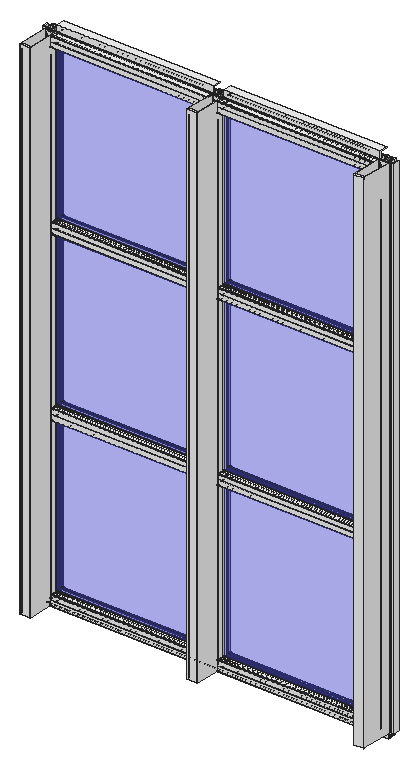
Revit family "Facade_60_Curtain_Wall_S23_Custom", category Windows, host Wall, Revit 2014
Parameters (values of type "F60-S23-Custom")
  Windload Design [instance] = if(Custom Windload < 1001 mm, 1000 mm, if(Custom Windload < 1501 mm, 1500 mm, 2000 mm))  # 1000 mm
  Width [instance] = if(Custom Curtain Wall Width < Limit Door Width Min, Limit Door Width Min, if(Custom Curtain Wall Width > Limit Door Width Max, Limit Door Width Max, Custom Curtain Wall Width))  # 2000 mm
  Wall Thickness [instance] = 200 mm
  Vertical Profile Length [instance] = Height - Frame Bottom Gap  # 2970 mm
  URL = "http://www.crealco.co.za/crealco-products.php"
  Type Comments = ""
  Transom Vertical Spacing [instance] = (Height - Frame Bottom Gap - (4 mm * 60)) / 3  # 910 mm
  Top Transom Top Gap [instance] = Transom Vertical Spacing + 60 mm  # 970 mm
  Top Profile Overhang = 5.9 mm  # constant formula
  Thermal Resistance (R) [instance] = if(IGDB or SAGDB Number = 100100, 1.0000 (m²·K)/W / Intruderprufe U Value, if(IGDB or SAGDB Number = 100100, 1.0000 (m²·K)/W / Intruderprufe U Value, if(IGDB or SAGDB Number = 105003, 1.0000 (m²·K)/W / Intruderprufe Insulated U Value, if(IGDB or SAGDB Number = 105004, 1.0000 (m²·K)/W / Intruderprufe Insulated LowE U Value, 1.0000 (m²·K)/W / 7.9)))) * 1  # 0.126582 (m²·K)/W
  Thermal Break Material = Plastic, Opaque Black
  Solar Heat Gain Coefficient [instance] = if(IGDB or SAGDB Number = 100100, Intruderprufe SHGC Value, if(IGDB or SAGDB Number = 103200, Intruderprufe LowE SHGC Value, if(IGDB or SAGDB Number = 105003, Intruderprufe Insulated SHGC Value, if(IGDB or SAGDB Number = 105004, Intruderprufe Insulated LowE SHGC Value, 0))))  # 0
  Single Glazing [instance] = if(DG Forced, 1 = 0, not(Double Glazing))  # no
  Sill Height = 85 mm  # constant formula
  SG Forced [instance] = not(DG Forced)  # no
  Quarter Expansion Break = no
  Overall Width [instance] = 2000 mm
  Overall Height [instance] = 3000 mm
  Mullion Side Gap [instance] = (Width / 2) - 30 mm  # 970 mm
  Mullion Configuration [instance] = if(Windload Design = 1000 mm, if(not(Height > 2490 mm), 1 mm, if(and(not(Height > 4990 mm), not(Width > 1790 mm)), 2 mm, 3 mm)), if(Windload Design = 1500 mm, if(Height > 2490 mm, 3 mm, if(Width > 2990 mm, 2 mm, 1 mm)), if(Height > 2490 mm, 3 mm, if(Width > 1790 mm, 2 mm, 1 mm))))  # 3 mm
  Model = "Facade 60"
  Half Expansion Break = no
  Bottom Transom Bottom Gap [instance] = Transom Vertical Spacing + 30 mm + 60 mm  # 1000 mm
  Mid Glazing Bottom Gap [instance] = Frame Bottom Gap + 60 mm + Transom Vertical Spacing + 39.8 mm  # 1039.8 mm
  Max System DG Unit Thickness = 25 mm  # constant formula
  Max System DG One Piece Thickness [instance] = rounddown((Max System DG Unit Thickness - DG Gasket Thickness) / 2 mm) * 1 mm  # 6 mm
  Max Pane Area [instance] = Glazing Width * Glazing Height  # 0.90326 m²
  Manufacturer = "Crealco"
  Limit Door Width Min = (2 * Limit Panel Width Min) + (2 * Glazing Side Gap) + 19.6 mm  # 699.2 mm
  Limit Door Width Max = (2 * Limit Panel Width Max) + (2 * Glazing Side Gap) + 19.6 mm  # 6099.2 mm
  Limit Door Height Min = (3 * Limit Panel Height Min) + 69.8 mm + (2 mm * 19.6) + 39.8 mm  # 1048.8 mm
  Limit Door Height Max = (3 * Limit Panel Height Max) + 69.8 mm + (2 mm * 19.6) + 39.8 mm  # 18148.8 mm
  Limit Panel Width Min = 300 mm  # constant formula
  Limit Panel Width Max = 3000 mm  # constant formula
  Limit Panel Height Min = 300 mm  # constant formula
  Limit Panel Height Max = 6000 mm  # constant formula
  Sill Length [instance] = Width  # 2000 mm
  Length Sill [instance] = Width  # 2000 mm
  Keynote = ""
  Jamb Width = 60 mm  # constant formula
  Intruderprufe U Value = 0
  Intruderprufe SHGC Value = 0
  Intruderprufe LowE U Value = 0
  Intruderprufe LowE SHGC Value = 0
  Intruderprufe Insulated U Value = 0
  Intruderprufe Insulated SHGC Value = 0
  Intruderprufe Insulated LowE U Value = 0
  Intruderprufe Insulated LowE SHGC Value = 0
  Horizontal Profile Length [instance] = (Width - (2 * Jamb Width) - 60 mm) / 2  # 910 mm
  Glazing Width [instance] = Horizontal Profile Length + (2 mm * 20.2)  # 950.4 mm
  Glazing Top Gap = 39.8 mm  # constant formula
  Glazing Side Gap = 39.8 mm  # constant formula
  Glazing Height [instance] = (Height - Glazing Top Gap - Glazing Bottom Gap - (2 * (60 mm - 20.2 mm - 20.2 mm))) / 3  # 950.4 mm
  Glazing Gap SG [instance] = (14 mm - SG Thickness) / 2  # 5 mm
  Glazing Gap DG [instance] = (28 mm - (DG Thickness + DG Thickness + DG Gasket Thickness)) / 2  # 4 mm
  Glazing Bottom Gap = 69.8 mm  # constant formula
  Frame Thickness = 101.8 mm  # constant formula
  Frame Bottom Gap = 30 mm  # constant formula
  Door Leaf Height [instance] = 2050 mm
  Double Glazing [instance] = yes
  DG Thickness Calc [instance] = if(not(Max Pane Area > 1.125 m²), 4 mm, if(not(Max Pane Area > 2.25 m²), 4 mm, if(not(Max Pane Area > 3.15 m²), 5 mm, if(not(Max Pane Area > 4.35 m²), 6 mm, if(not(Max Pane Area > 6.45 m²), 8 mm, 10 mm)))))  # 4 mm
  DG Thickness [instance] = if(IGDB or SAGDB Number = 105003, 6 mm, if(IGDB or SAGDB Number = 105004, 7 mm, if(DG Thickness Calc > Max System DG One Piece Thickness, Max System DG One Piece Thickness, DG Thickness Calc)))  # 4 mm
  DG Gasket Thickness = 12 mm  # constant formula
  DG Gasket Finish [instance] = Double Glazing Gasket Material
  DG Forced [instance] = if(IGDB or SAGDB Number = 100100, 1 = 0, if(IGDB or SAGDB Number = 103200, 1 = 0, if(IGDB or SAGDB Number = 105003, 1 = 1, if(IGDB or SAGDB Number = 105004, 1 = 1, Double Glazing))))  # yes
  IGDB or SAGDB Number [instance] = 0
  Height [instance] = if(Custom Curtain Wall Height < Limit Door Height Min, Limit Door Height Min, if(Custom Curtain Wall Height > Limit Door Height Max, Limit Door Height Max, Custom Curtain Wall Height))  # 3000 mm
  Heat Transfer Coefficient (U) [instance] = if(IGDB or SAGDB Number = 100100, Intruderprufe U Value, if(IGDB or SAGDB Number = 103200, Intruderprufe LowE U Value, if(IGDB or SAGDB Number = 105003, Intruderprufe Insulated U Value, if(IGDB or SAGDB Number = 105004, Intruderprufe Insulated LowE U Value, 7.9)))) * 1.0000 W/(m²·K)  # 7.9000 W/(m²·K)
  SG Thickness [instance] = if(IGDB or SAGDB Number = 100100, 6 mm, if(IGDB or SAGDB Number = 103200, 7 mm, if(not(Max Pane Area > 0.75 m²), 4 mm, if(not(Max Pane Area > 1.50 m²), 4 mm, if(not(Max Pane Area > 2.10 m²), 5 mm, if(not(Max Pane Area > 2.90 m²), 6.4 mm, if(not(Max Pane Area > 4.30 m²), 8 mm, 10 mm)))))))  # 4 mm
  Glazing Material [instance] = if(IGDB or SAGDB Number = 100100, "PFG INTRUDERPRUFE 6.38mm", if(IGDB or SAGDB Number = 103200, "PFG INTRUDERPRUFE LOW-E 7.38mm", if(IGDB or SAGDB Number = 105003, "PFG 25mm INTRUDERPRUFE INSULATED GLASS", if(IGDB or SAGDB Number = 105004, "PFG 25mm INTRUDERPRUFE INSULATED GLASS LOW-E", "Unknown"))))  # "Unknown"
  Glazing Finish [instance] = Glass
  Glazing Code [instance] = if(IGDB or SAGDB Number = 100100, "LAM01", if(IGDB or SAGDB Number = 103200, "LAM01E", if(IGDB or SAGDB Number = 105003, "IGU25", if(IGDB or SAGDB Number = 105004, "IGU25E", "Unknown"))))  # "Unknown"
  Frame Offset From Exterior [instance] = if(Centered In Wall, (Wall Thickness - Frame Thickness) / 2, Custom Offset From Exterior) + 5.9 mm  # 55 mm
  Description = "Curtain Wall, S23"
  Default Sill Height = 0 mm
  Wall Closure = By host
  Custom Curtain Wall Width [instance] = 2000 mm
  Custom Curtain Wall Height [instance] = 3000 mm
  Custom Windload [instance] = 1000 mm
  Custom Offset From Exterior [instance] = 0 mm
  Centered In Wall [instance] = yes
  Aluminium Finish [instance] = White Powder Coated Aluminium ANP 1052
  All Available Glazing Numbers [instance] = "The rows below list the available glazing materials for this window:"  # constant formula
  190mm Mullion [instance] = if(Mullion Configuration = 3 mm, 1 = 1, 1 = 0)  # yes
  160mm Mullion [instance] = if(Mullion Configuration = 2 mm, 1 = 1, 1 = 0)  # no
  105004 [instance] = "IGU25E"  # constant formula
  105003 [instance] = "IGU25"  # constant formula
  103200 [instance] = "LAM01E"  # constant formula
  100mm Mullion [instance] = if(or(Mullion Configuration = 2 mm, Mullion Configuration = 3 mm), 1 = 0, 1 = 1)  # no
  100100 [instance] = "LAM01"  # constant formula
Reference planes
  plane 1 "Center (Front/Back)": y = 0
  plane 2 "Center (Left/Right)": x = 0
  plane 3 "Left": x = -1000
  plane 4 "Right": x = 1000
  plane 5 "Sill": z = 0
  plane 6 "Head": z = 3000
  plane 7 "Exterior": y = 100
  plane 8 "Interior": y = -100
Lines and regions (mm)
  Opening 1
    outline origin (3507.082, -100, 0) x (1, 0, 0) y (0, 0, 1)
      loop
        line (-2507.082, 0) -> (-2507.082, 3000) -> (-4507.082, 3000) -> (-4507.082, 0) -> (-2507.082, 0)
Text (mm)
  text "EXTERIOR" at (-1963.203, 1332.353, 0), in view "Ref. Level"
  text "INTERIOR" at (-1981.466, -818.386, 0), in view "Ref. Level"
  text "Exterior" at (0, 923.751, 2943.296), in view "Right"
  text "Exterior" at (0, 1040.484, 2685.409), in view "Left"
Dimensions and locks
  equal spacing: plane 3 "Left", plane 2 "Center (Left/Right)", plane 4 "Right"
  "Width": plane 3 "Left" to plane 4 "Right"
  "Height": plane 5 "Sill" to plane 6 "Head"
  "Default Sill Height": plane 5 "Sill" to level
  locked: plane 7 "Exterior" to host wall at 0
  locked: plane 8 "Interior" to host wall
  "Overall Height": plane 6 "Head" to plane 5 "Sill"
  "Overall Width": plane 3 "Left" to plane 4 "Right"
  "Wall Thickness": host wall to host wall
  "Jamb Width": nested 3 to plane 4 "Right"
  "Jamb Width": nested 5 to plane 4 "Right"
  "Frame Bottom Gap": nested 5 to level
  "Frame Offset From Exterior": nested 1 to plane 7 "Exterior"
  "Glazing Side Gap": nested 6 to plane 4 "Right"
  "Glazing Top Gap": nested 6 to plane 6 "Head"
  "Glazing Gap SG": nested 6 to nested 1
  "Glazing Side Gap": nested 7 to plane 4 "Right"
  "Glazing Top Gap": nested 7 to plane 6 "Head"
  "Glazing Gap DG": nested 7 to nested 1
  "Mullion Side Gap": nested 8 to plane 4 "Right"
  "Frame Bottom Gap": nested 8 to level
  "Jamb Width": plane 3 "Left" to nested 10
  "Jamb Width": plane 3 "Left" to nested 9
  "Glazing Side Gap": plane 3 "Left" to nested 11
  "Glazing Side Gap": plane 3 "Left" to nested 12
  "Glazing Gap SG": nested 2 to nested 12
  "Glazing Gap DG": nested 2 to nested 11
  "Glazing Bottom Gap": nested 11 to level
  "Glazing Bottom Gap": nested 12 to level
  "Frame Bottom Gap": nested 9 to level
  "Bottom Transom Bottom Gap": nested 13 to level
  "Jamb Width": plane 3 "Left" to nested 13
  "Jamb Width": nested 14 to plane 4 "Right"
  "Glazing Bottom Gap": nested 15 to level
  "Glazing Bottom Gap": nested 16 to level
  "Glazing Top Gap": nested 17 to plane 6 "Head"
  "Glazing Top Gap": nested 18 to plane 6 "Head"
  "Glazing Side Gap": plane 3 "Left" to nested 18
  "Glazing Side Gap": plane 3 "Left" to nested 17
  "Glazing Side Gap": nested 15 to plane 4 "Right"
  "Glazing Side Gap": nested 16 to plane 4 "Right"
  "Glazing Gap SG": nested 16 to nested 1
  "Glazing Gap DG": nested 15 to nested 1
  "Glazing Gap SG": nested 2 to nested 18
  "Glazing Gap DG": nested 2 to nested 17
  "Jamb Width": nested 19 to plane 4 "Right"
  "Jamb Width": plane 3 "Left" to nested 20
  "Mid Glazing Bottom Gap": nested 22 to level
  "Mid Glazing Bottom Gap": nested 24 to level
  "Mid Glazing Bottom Gap": nested 21 to level
  "Mid Glazing Bottom Gap": nested 23 to level
  "Glazing Side Gap": plane 3 "Left" to nested 23
  "Glazing Side Gap": plane 3 "Left" to nested 21
  "Glazing Side Gap": nested 24 to plane 4 "Right"
  "Glazing Side Gap": nested 22 to plane 4 "Right"
  "Glazing Gap DG": nested 2 to nested 21
  "Glazing Gap SG": nested 2 to nested 23
  "Glazing Gap DG": nested 22 to nested 1
  "Glazing Gap SG": nested 24 to nested 1
  "Bottom Transom Bottom Gap": nested 14 to level
  "Top Transom Top Gap": nested 19 to plane 6 "Head"
  "Top Transom Top Gap": nested 20 to plane 6 "Head"
  aligned and locked: plane 4 "Right" to nested 1
  aligned and locked: nested 1 to plane 6 "Head"
  aligned and locked: plane 3 "Left" to nested 2
  aligned and locked: plane 6 "Head" to nested 2
  aligned and locked: nested 3 to plane 6 "Head"
  aligned and locked: nested 4 to level
  aligned and locked: plane 4 "Right" to nested 4
  aligned and locked: nested 1 to nested 2
  aligned and locked: nested 5 to nested 4
  aligned and locked: nested 8 to nested 2
  aligned and locked: nested 10 to plane 6 "Head"
  aligned and locked: nested 5 to nested 10
  aligned and locked: nested 5 to nested 9
  aligned and locked: nested 10 to nested 3
  aligned and locked: nested 10 to nested 2
  aligned and locked: nested 13 to nested 10
  aligned and locked: nested 14 to nested 3
  aligned and locked: nested 20 to nested 10
  aligned and locked: nested 19 to nested 3
Automatic sketch dimensions
  plane 3 "Left" to Opening 1 sketch curve = 0 mm
  plane 4 "Right" to Opening 1 sketch curve = 0 mm
  Opening 1 sketch curve to plane 5 "Sill" = 0 mm
  Opening 1 sketch curve to plane 6 "Head" = 0 mm
Nested families
  nested 1: "F60 Vertical Profile Side_S23_Cust" at (1000, -1.058, 30) x (-1, 0, 0) z (0, 0, 1), Thermal Break Material <- "Thermal Break Material", Profile Material <- "Aluminium Finish", Length <- "Vertical Profile Length", Single Glazing <- "SG Forced", Double Glazing <- "DG Forced", 100mm Mullion <- "100mm Mullion", 160mm Mullion <- "160mm Mullion", 190mm Mullion <- "190mm Mullion", Quarter Expansion Break <- "Quarter Expansion Break", Half Expansion Break <- "Half Expansion Break", type "F60 Vertical Profile Side_S23_Cust"
    with Thermal Break Material Plastic, Opaque Black, Single Glazing no, Quarter SG Expansion Break no, Quarter Length 742.5 mm, Quarter Expansion Break no, Quarter DG Expansion Break no, Quarter 190mm Expansion Break no, Quarter 160mm Expansion Break no, Quarter 100mm Expansion Break no, Profile Material White Powder Coated Aluminium ANP 1052, Length 2970 mm, Half SG Expansion Break no, Half Length 1485 mm, Half Expansion Break no, Half DG Expansion Break no, Half 190mm Expansion Joint no, Half 160mm Expansion Break no, Half 100mm Expansion Break no, Double Glazing yes, 190mm Mullion yes, 160mm Mullion no, 100mm Mullion no
  nested 2: "F60 Vertical Profile Side_S23_Cust" at (-1000, -1.058, 30), Thermal Break Material <- "Thermal Break Material", Profile Material <- "Aluminium Finish", Length <- "Vertical Profile Length", Single Glazing <- "SG Forced", Double Glazing <- "DG Forced", 100mm Mullion <- "100mm Mullion", 160mm Mullion <- "160mm Mullion", 190mm Mullion <- "190mm Mullion", Quarter Expansion Break <- "Quarter Expansion Break", Half Expansion Break <- "Half Expansion Break", type "F60 Vertical Profile Side_S23_Cust"
    with Thermal Break Material Plastic, Opaque Black, Single Glazing no, Quarter SG Expansion Break no, Quarter Length 742.5 mm, Quarter Expansion Break no, Quarter DG Expansion Break no, Quarter 190mm Expansion Break no, Quarter 160mm Expansion Break no, Quarter 100mm Expansion Break no, Profile Material White Powder Coated Aluminium ANP 1052, Length 2970 mm, Half SG Expansion Break no, Half Length 1485 mm, Half Expansion Break no, Half DG Expansion Break no, Half 190mm Expansion Joint no, Half 160mm Expansion Break no, Half 100mm Expansion Break no, Double Glazing yes, 190mm Mullion yes, 160mm Mullion no, 100mm Mullion no
  nested 3: "F60 Horizontal Profile Top_S23_Cust" at (940, -50.858, 2940) x (-1, 0, 0) z (0, 0, 1), Thermal Break Material <- "Thermal Break Material", Profile Material <- "Aluminium Finish", Length <- "Horizontal Profile Length", Single Glazing <- "SG Forced", Double Glazing <- "DG Forced", type "F60 Horizontal Profile Top_S23_Cust"
    with Thermal Break Material Plastic, Opaque Black, Single Glazing no, Profile Material White Powder Coated Aluminium ANP 1052, Length 910 mm, Double Glazing yes
  nested 4: "F60 Sill_S23_Cust" at (1000, -13.486, -1.88) x (-1, 0, 0) z (0, 0, 1), Profile Material <- "Aluminium Finish", Length Sill <- "Length Sill", type "F60 Sill_S23_Cust"
    with Profile Material White Powder Coated Aluminium ANP 1052, Length Sill 2000 mm
  nested 5: "F60 Horizontal Profile Bottom_S23_Cust" at (940, -50.858, 30) x (-1, 0, 0) z (0, 0, 1), Thermal Break Material <- "Thermal Break Material", Profile Material <- "Aluminium Finish", Length <- "Horizontal Profile Length", Single Glazing <- "SG Forced", Double Glazing <- "DG Forced", type "F60 Horizontal Profile Bottom_S23_Cust"
    with Thermal Break Material Plastic, Opaque Black, Single Glazing no, Profile Material White Powder Coated Aluminium ANP 1052, Length 910 mm, Double Glazing yes
  nested 6: "F60_Single_Glazing_S23_Cust" at (960.2, 7.942, 2009.8), Glazing Width <- "Glazing Width", Glazing Height <- "Glazing Height", SG Thickness <- "SG Thickness", Glazing Finish <- "Glazing Finish", visible <- "SG Forced", type "F60_Single_Glazing_S23_Cust"
    with SG Thickness 4 mm, Glazing Width 950.4 mm, Glazing Height 950.4 mm, Glazing Finish Glass
  nested 7: "F60_Double_Glazing_S23_Cust" at (960.2, 22.942, 2009.8), Glazing Material <- "Glazing Finish", Double Glazing Gasket Material <- "DG Gasket Finish", Glazing Width <- "Glazing Width", Glazing Height <- "Glazing Height", Glazing Thickness DG <- "DG Thickness", Double Glazing Gasket Thickness <- "DG Gasket Thickness", visible <- "DG Forced", type "F60_Double_Glazing_S23_Cust"
    with Glazing Width 950.4 mm, Glazing Thickness DG 4 mm, Glazing Material Glass, Glazing Height 950.4 mm, Double Glazing Gasket Thickness 12 mm, Double Glazing Gasket Material Double Glazing Gasket Material
  nested 8: "F60 Vertical Profile Middle_S23_Cust" at (30, -1.058, 30) x (-1, 0, 0) z (0, 0, 1), Thermal Break Material <- "Thermal Break Material", Profile Material <- "Aluminium Finish", Single Glazing <- "SG Forced", Double Glazing <- "DG Forced", 190mm Mullion <- "190mm Mullion", 160mm Mullion <- "160mm Mullion", 100mm Mullion <- "100mm Mullion", Length <- "Vertical Profile Length", Half Expansion Break <- "Half Expansion Break", Quarter Expansion Break <- "Quarter Expansion Break", type "F60 Vertical Profile Middle_S23_Cust"
    with Thermal Break Material Plastic, Opaque Black, Single Glazing no, Quarter SG Expansion Break no, Quarter Length 742.5 mm, Quarter Expansion Break no, Quarter DG Expansion Break no, Quarter 190mm Expansion Break no, Quarter 160mm Expansion Break no, Quarter 100mm Expansion Break no, Profile Material White Powder Coated Aluminium ANP 1052, Length 2970 mm, Half SG Expansion Break no, Half Length 1485 mm, Half Expansion Break no, Half DG Expansion Break no, Half 190mm Expansion Joint no, Half 160mm Expansion Break no, Half 100mm Expansion Break no, Double Glazing yes, 190mm Mullion yes, 160mm Mullion no, 100mm Mullion no
  nested 9: "F60 Horizontal Profile Bottom_S23_Cust" at (-30, -50.858, 30) x (-1, 0, 0) z (0, 0, 1), Thermal Break Material <- "Thermal Break Material", Profile Material <- "Aluminium Finish", Length <- "Horizontal Profile Length", Single Glazing <- "SG Forced", Double Glazing <- "DG Forced", type "F60 Horizontal Profile Bottom_S23_Cust"
    with Thermal Break Material Plastic, Opaque Black, Single Glazing no, Profile Material White Powder Coated Aluminium ANP 1052, Length 910 mm, Double Glazing yes
  nested 10: "F60 Horizontal Profile Top_S23_Cust" at (-30, -50.858, 2940) x (-1, 0, 0) z (0, 0, 1), Thermal Break Material <- "Thermal Break Material", Profile Material <- "Aluminium Finish", Length <- "Horizontal Profile Length", Single Glazing <- "SG Forced", Double Glazing <- "DG Forced", type "F60 Horizontal Profile Top_S23_Cust"
    with Thermal Break Material Plastic, Opaque Black, Single Glazing no, Profile Material White Powder Coated Aluminium ANP 1052, Length 910 mm, Double Glazing yes
  nested 11: "F60_Double_Glazing_S23_Cust" at (-9.8, 22.942, 69.8), Glazing Material <- "Glazing Finish", Double Glazing Gasket Material <- "DG Gasket Finish", Glazing Width <- "Glazing Width", Glazing Height <- "Glazing Height", Glazing Thickness DG <- "DG Thickness", Double Glazing Gasket Thickness <- "DG Gasket Thickness", visible <- "DG Forced", type "F60_Double_Glazing_S23_Cust"
    with Glazing Width 950.4 mm, Glazing Thickness DG 4 mm, Glazing Material Glass, Glazing Height 950.4 mm, Double Glazing Gasket Thickness 12 mm, Double Glazing Gasket Material Double Glazing Gasket Material
  nested 12: "F60_Single_Glazing_S23_Cust" at (-9.8, 7.942, 69.8), Glazing Width <- "Glazing Width", Glazing Height <- "Glazing Height", SG Thickness <- "SG Thickness", Glazing Finish <- "Glazing Finish", visible <- "SG Forced", type "F60_Single_Glazing_S23_Cust"
    with SG Thickness 4 mm, Glazing Width 950.4 mm, Glazing Height 950.4 mm, Glazing Finish Glass
  nested 13: "F60 Horizontal Profile Middle_S23_Cust" at (-30, -50.858, 1000) x (-1, 0, 0) z (0, 0, 1), Thermal Break Material <- "Thermal Break Material", Profile Material <- "Aluminium Finish", Length <- "Horizontal Profile Length", Single Glazing <- "SG Forced", Double Glazing <- "DG Forced", type "F60 Horizontal Profile Middle_S23_Cust"
    with Thermal Break Material Plastic, Opaque Black, Single Glazing no, Profile Material White Powder Coated Aluminium ANP 1052, Length 910 mm, Double Glazing yes
  nested 14: "F60 Horizontal Profile Middle_S23_Cust" at (940, -50.858, 1000) x (-1, 0, 0) z (0, 0, 1), Thermal Break Material <- "Thermal Break Material", Profile Material <- "Aluminium Finish", Length <- "Horizontal Profile Length", Single Glazing <- "SG Forced", Double Glazing <- "DG Forced", type "F60 Horizontal Profile Middle_S23_Cust"
    with Thermal Break Material Plastic, Opaque Black, Single Glazing no, Profile Material White Powder Coated Aluminium ANP 1052, Length 910 mm, Double Glazing yes
  nested 15: "F60_Double_Glazing_S23_Cust" at (960.2, 22.942, 69.8), Glazing Material <- "Glazing Finish", Double Glazing Gasket Material <- "DG Gasket Finish", Glazing Width <- "Glazing Width", Glazing Height <- "Glazing Height", Glazing Thickness DG <- "DG Thickness", Double Glazing Gasket Thickness <- "DG Gasket Thickness", visible <- "DG Forced", type "F60_Double_Glazing_S23_Cust"
    with Glazing Width 950.4 mm, Glazing Thickness DG 4 mm, Glazing Material Glass, Glazing Height 950.4 mm, Double Glazing Gasket Thickness 12 mm, Double Glazing Gasket Material Double Glazing Gasket Material
  nested 16: "F60_Single_Glazing_S23_Cust" at (960.2, 7.942, 69.8), Glazing Width <- "Glazing Width", Glazing Height <- "Glazing Height", SG Thickness <- "SG Thickness", Glazing Finish <- "Glazing Finish", visible <- "SG Forced", type "F60_Single_Glazing_S23_Cust"
    with SG Thickness 4 mm, Glazing Width 950.4 mm, Glazing Height 950.4 mm, Glazing Finish Glass
  nested 17: "F60_Double_Glazing_S23_Cust" at (-9.8, 22.942, 2009.8), Glazing Material <- "Glazing Finish", Double Glazing Gasket Material <- "DG Gasket Finish", Glazing Width <- "Glazing Width", Glazing Height <- "Glazing Height", Glazing Thickness DG <- "DG Thickness", Double Glazing Gasket Thickness <- "DG Gasket Thickness", visible <- "DG Forced", type "F60_Double_Glazing_S23_Cust"
    with Glazing Width 950.4 mm, Glazing Thickness DG 4 mm, Glazing Material Glass, Glazing Height 950.4 mm, Double Glazing Gasket Thickness 12 mm, Double Glazing Gasket Material Double Glazing Gasket Material
  nested 18: "F60_Single_Glazing_S23_Cust" at (-9.8, 7.942, 2009.8), Glazing Width <- "Glazing Width", Glazing Height <- "Glazing Height", SG Thickness <- "SG Thickness", Glazing Finish <- "Glazing Finish", visible <- "SG Forced", type "F60_Single_Glazing_S23_Cust"
    with SG Thickness 4 mm, Glazing Width 950.4 mm, Glazing Height 950.4 mm, Glazing Finish Glass
  nested 19: "F60 Horizontal Profile Middle_S23_Cust" at (940, -50.858, 1970) x (-1, 0, 0) z (0, 0, 1), Thermal Break Material <- "Thermal Break Material", Profile Material <- "Aluminium Finish", Length <- "Horizontal Profile Length", Single Glazing <- "SG Forced", Double Glazing <- "DG Forced", type "F60 Horizontal Profile Middle_S23_Cust"
    with Thermal Break Material Plastic, Opaque Black, Single Glazing no, Profile Material White Powder Coated Aluminium ANP 1052, Length 910 mm, Double Glazing yes
  nested 20: "F60 Horizontal Profile Middle_S23_Cust" at (-30, -50.858, 1970) x (-1, 0, 0) z (0, 0, 1), Thermal Break Material <- "Thermal Break Material", Profile Material <- "Aluminium Finish", Length <- "Horizontal Profile Length", Single Glazing <- "SG Forced", Double Glazing <- "DG Forced", type "F60 Horizontal Profile Middle_S23_Cust"
    with Thermal Break Material Plastic, Opaque Black, Single Glazing no, Profile Material White Powder Coated Aluminium ANP 1052, Length 910 mm, Double Glazing yes
  nested 21: "F60_Double_Glazing_S23_Cust" at (-9.8, 22.942, 1039.8), Glazing Material <- "Glazing Finish", Double Glazing Gasket Material <- "DG Gasket Finish", Glazing Width <- "Glazing Width", Glazing Height <- "Glazing Height", Glazing Thickness DG <- "DG Thickness", Double Glazing Gasket Thickness <- "DG Gasket Thickness", visible <- "DG Forced", type "F60_Double_Glazing_S23_Cust"
    with Glazing Width 950.4 mm, Glazing Thickness DG 4 mm, Glazing Material Glass, Glazing Height 950.4 mm, Double Glazing Gasket Thickness 12 mm, Double Glazing Gasket Material Double Glazing Gasket Material
  nested 22: "F60_Double_Glazing_S23_Cust" at (960.2, 22.942, 1039.8), Glazing Material <- "Glazing Finish", Double Glazing Gasket Material <- "DG Gasket Finish", Glazing Width <- "Glazing Width", Glazing Height <- "Glazing Height", Glazing Thickness DG <- "DG Thickness", Double Glazing Gasket Thickness <- "DG Gasket Thickness", visible <- "DG Forced", type "F60_Double_Glazing_S23_Cust"
    with Glazing Width 950.4 mm, Glazing Thickness DG 4 mm, Glazing Material Glass, Glazing Height 950.4 mm, Double Glazing Gasket Thickness 12 mm, Double Glazing Gasket Material Double Glazing Gasket Material
  nested 23: "F60_Single_Glazing_S23_Cust" at (-9.8, 7.942, 1039.8), Glazing Width <- "Glazing Width", Glazing Height <- "Glazing Height", SG Thickness <- "SG Thickness", Glazing Finish <- "Glazing Finish", visible <- "SG Forced", type "F60_Single_Glazing_S23_Cust"
    with SG Thickness 4 mm, Glazing Width 950.4 mm, Glazing Height 950.4 mm, Glazing Finish Glass
  nested 24: "F60_Single_Glazing_S23_Cust" at (960.2, 7.942, 1039.8), Glazing Width <- "Glazing Width", Glazing Height <- "Glazing Height", SG Thickness <- "SG Thickness", Glazing Finish <- "Glazing Finish", visible <- "SG Forced", type "F60_Single_Glazing_S23_Cust"
    with SG Thickness 4 mm, Glazing Width 950.4 mm, Glazing Height 950.4 mm, Glazing Finish Glass
Definition of nested family "F60 Vertical Profile Side_S23_Cust"
  Parameters (values of type "F60 Vertical Profile Side")
    Quarter SG Expansion Break [instance] = if(and(Quarter Expansion Break, Single Glazing), 1 = 1, 1 = 0)  # yes
    Quarter Length [instance] = Length / 4  # 62.5 mm
    Thermal Break Material [instance] = none
    Single Glazing [instance] = yes
    Quarter Expansion Break [instance] = yes
    Quarter DG Expansion Break [instance] = if(and(Quarter Expansion Break, Double Glazing), 1 = 1, 1 = 0)  # yes
    Quarter 190mm Expansion Break [instance] = if(and(Quarter Expansion Break, [190mm Mullion]), 1 = 1, 1 = 0)  # yes
    Quarter 160mm Expansion Break [instance] = if(and(Quarter Expansion Break, [160mm Mullion]), 1 = 1, 1 = 0)  # yes
    Quarter 100mm Expansion Break [instance] = if(and(Quarter Expansion Break, [100mm Mullion]), 1 = 1, 1 = 0)  # yes
    Profile Material [instance] = none
    Length [instance] = 250 mm
    Half SG Expansion Break [instance] = if(and(Half Expansion Break, Single Glazing), 1 = 1, 1 = 0)  # yes
    Half Length [instance] = Length / 2  # 125 mm
    Half Expansion Break [instance] = yes
    Half DG Expansion Break [instance] = if(and(Half Expansion Break, Double Glazing), 1 = 1, 1 = 0)  # yes
    Half 190mm Expansion Joint [instance] = if(and(Half Expansion Break, [190mm Mullion]), 1 = 1, 1 = 0)  # yes
    Half 160mm Expansion Break [instance] = if(and(Half Expansion Break, [160mm Mullion]), 1 = 1, 1 = 0)  # yes
    Half 100mm Expansion Break [instance] = if(and(Half Expansion Break, [100mm Mullion]), 1 = 1, 1 = 0)  # yes
    Double Glazing [instance] = yes
    190mm Mullion [instance] = yes
    160mm Mullion [instance] = yes
    100mm Mullion [instance] = yes
  Reference planes
    plane 1 "Center (Front/Back)": y = 0
    plane 2: z = 0
    plane 3 "Center (Left/Right)": x = 0
  Forms (mm)
    Extrusion 1, solid, material <- "Profile Material"
      sketch origin (0, 0, 0) x (1, 0, 0) y (0, 1, 0)
        loop
          arc (25.249, -8.7) -> (25.484, -9.266) -> (26.049, -9.5) r 0.8
          line (26.049, -9.5) -> (27.1, -9.5) -> (27.1, 7) -> (32.902, 7) -> (32.902, -9.5) -> (33.951, -9.5)
          arc (33.951, -9.5) -> (34.516, -9.266) -> (34.751, -8.7) r 0.8
          line (34.751, -8.7) -> (34.751, 6.2)
          arc (34.751, 6.2) -> (34.985, 6.766) -> (35.551, 7) r 0.8
          line (35.551, 7) -> (52.1, 7) -> (52.1, 5.4) -> (50.55, 5.4) -> (50.55, 4.55)
          arc (50.55, 4.55) -> (50.726, 4.126) -> (51.15, 3.95) r 0.6
          line (51.15, 3.95) -> (52.1, 3.95) -> (52.1, 1)
          arc (52.1, 1) -> (51.6, 0.5) -> (52.1, 0) r 0.5
          line (52.1, 0) -> (54.45, 0) -> (54.45, 1.15) -> (53.3, 1.15) -> (53.3, 2.45) -> (58.8, 2.45) -> (58.8, 1.15) -> (57.65, 1.15) -> (57.65, 0) -> (59.5, 0)
          arc (59.5, 0) -> (59.854, 0.146) -> (60, 0.5) r 0.5
          line (60, 0.5) -> (60, 3.9) -> (53.55, 3.9) -> (53.55, 7.6)
          arc (53.55, 7.6) -> (53.316, 8.166) -> (52.75, 8.4) r 0.8
          line (52.75, 8.4) -> (30, 8.4) -> (7.25, 8.4)
          arc (7.25, 8.4) -> (6.684, 8.166) -> (6.45, 7.6) r 0.8
          line (6.45, 7.6) -> (6.45, 3.9) -> (0, 3.9) -> (0, 0.5)
          arc (0, 0.5) -> (0.146, 0.146) -> (0.5, 0) r 0.5
          line (0.5, 0) -> (2.35, 0) -> (2.35, 1.15) -> (1.2, 1.15) -> (1.2, 2.45) -> (6.7, 2.45) -> (6.7, 1.15) -> (5.55, 1.15) -> (5.55, 0) -> (7.9, 0)
          arc (7.9, 0) -> (8.4, 0.5) -> (7.9, 1) r 0.5
          line (7.9, 1) -> (7.9, 3.95) -> (8.85, 3.95)
          arc (8.85, 3.95) -> (9.274, 4.126) -> (9.45, 4.55) r 0.6
          line (9.45, 4.55) -> (9.45, 5.4) -> (7.9, 5.4) -> (7.9, 7) -> (24.449, 7)
          arc (24.449, 7) -> (25.015, 6.766) -> (25.249, 6.2) r 0.8
          line (25.249, 6.2) -> (25.249, -8.7)
      from 0 to 250 <- "Length"
    Extrusion 2, solid, material <- "Thermal Break Material"
      sketch origin (0, 0, 0) x (1, 0, 0) y (0, 1, 0)
        loop
          line (1.75, 9.8) -> (1.75, 5.2) -> (0, 5.2) -> (0, 3.9) -> (6.35, 3.9) -> (6.35, 7.856)
          arc (6.35, 7.856) -> (6.526, 8.281) -> (6.95, 8.456) r 0.6
          line (6.95, 8.456) -> (30, 8.456) -> (53.05, 8.456)
          arc (53.05, 8.456) -> (53.474, 8.281) -> (53.65, 7.856) r 0.6
          line (53.65, 7.856) -> (53.65, 3.9) -> (60, 3.9) -> (60, 5.2) -> (58.25, 5.2) -> (58.25, 9.8) -> (30, 9.8) -> (1.75, 9.8)
      from 0 to 250 <- "Length"
    Extrusion 3, solid, material <- "Thermal Break Material", visible <- "Single Glazing"
      sketch origin (0, 0, 0) x (1, 0, 0) y (0, 1, 0)
        loop
          line (25.749, -14.011) -> (27.672, -14.011) -> (28.481, -12.611) -> (31.518, -12.611) -> (32.327, -14.011) -> (34.249, -14.011)
          arc (34.249, -14.011) -> (34.603, -13.864) -> (34.749, -13.511) r 0.5
          line (34.749, -13.511) -> (34.749, -10.011)
          arc (34.749, -10.011) -> (34.603, -9.657) -> (34.249, -9.511) r 0.5
          line (34.249, -9.511) -> (32.352, -9.511) -> (32.352, 0.19) -> (31.349, 2.261)
          arc (31.349, 2.261) -> (29.999, 2.986) -> (28.649, 2.261) r 1.62
          line (28.649, 2.261) -> (27.647, 0.19) -> (27.647, -9.511) -> (25.749, -9.511)
          arc (25.749, -9.511) -> (25.396, -9.657) -> (25.249, -10.011) r 0.5
          line (25.249, -10.011) -> (25.249, -13.511)
          arc (25.249, -13.511) -> (25.396, -13.864) -> (25.749, -14.011) r 0.5
        loop
          line (28.504, -10.005) -> (28.504, -10.861)
          arc (28.504, -10.861) -> (28.651, -11.214) -> (29.004, -11.361) r 0.5
          line (29.004, -11.361) -> (30.994, -11.361)
          arc (30.994, -11.361) -> (31.348, -11.214) -> (31.494, -10.861) r 0.5
          line (31.494, -10.861) -> (31.494, -10.005) -> (30.708, -9.219)
          arc (30.708, -9.219) -> (30.383, -9.001) -> (29.999, -8.924) r 1.007
          arc (29.999, -8.924) -> (29.616, -8.999) -> (29.292, -9.217) r 0.986
          line (29.292, -9.217) -> (28.504, -10.005)
        loop
          arc (30.896, 1.935) -> (29.887, 2.44) -> (29.005, 1.735) r 1.047
          line (29.005, 1.735) -> (28.347, 0.374) -> (28.347, -6.993)
          arc (28.347, -6.993) -> (28.583, -7.417) -> (29.068, -7.441) r 0.5
          arc (29.068, -7.441) -> (29.999, -7.223) -> (30.93, -7.441) r 2.099
          arc (30.93, -7.441) -> (31.416, -7.417) -> (31.652, -6.993) r 0.5
          line (31.652, -6.993) -> (31.652, 0.374) -> (30.896, 1.935)
      from 0 to 250 <- "Length"
    Extrusion 4, solid, material <- "Profile Material", visible <- "Single Glazing"
      sketch origin (0, 0, 0) x (1, 0, 0) y (0, 1, 0)
        loop
          line (52.693, -14.011) -> (32.327, -14.011) -> (31.519, -12.611) -> (28.481, -12.611) -> (27.673, -14.011) -> (7.307, -14.011) -> (7.307, -15.011) -> (8.457, -15.011) -> (8.457, -16.261) -> (2.957, -16.261) -> (2.957, -15.011) -> (4.107, -15.011) -> (4.107, -14.011) -> (1.707, -14.011)
          arc (1.707, -14.011) -> (1.199, -14.293) -> (1.168, -14.873) r 0.6
          line (1.168, -14.873) -> (2.093, -16.772) -> (1.015, -17.298) -> (1.484, -18.261) -> (11.488, -18.261)
          arc (11.488, -18.261) -> (11.913, -18.085) -> (12.088, -17.661) r 0.6
          line (12.088, -17.661) -> (12.088, -16.811) -> (47.912, -16.811) -> (47.912, -17.661)
          arc (47.912, -17.661) -> (48.088, -18.085) -> (48.512, -18.261) r 0.6
          line (48.512, -18.261) -> (58.518, -18.261) -> (58.987, -17.298) -> (57.908, -16.772) -> (58.834, -14.874)
          arc (58.834, -14.874) -> (58.802, -14.293) -> (58.293, -14.011) r 0.6
          line (58.293, -14.011) -> (55.893, -14.011) -> (55.893, -15.011) -> (57.043, -15.011) -> (57.043, -16.261) -> (51.543, -16.261) -> (51.543, -15.011) -> (52.693, -15.011) -> (52.693, -14.011)
      from 0 to 250 <- "Length"
    Extrusion 5, solid, material <- "Profile Material", visible <- "Single Glazing"
      sketch origin (0, 0, 0) x (1, 0, 0) y (0, 1, 0)
        loop
          line (2.801, -18.261) -> (1.484, -18.261) -> (1.015, -17.298) -> (2.093, -16.772) -> (0.779, -14.076)
          arc (0.779, -14.076) -> (0.239, -14.21) -> (0.001, -14.713) r 0.65
          line (0.001, -14.713) -> (0.001, -28.068)
          arc (0.001, -28.068) -> (1.172, -30.897) -> (4.001, -32.068) r 4
          line (4.001, -32.068) -> (30.001, -32.068) -> (56.001, -32.068)
          arc (56.001, -32.068) -> (58.829, -30.897) -> (60.001, -28.068) r 4
          line (60.001, -28.068) -> (60.001, -14.713)
          arc (60.001, -14.713) -> (59.763, -14.21) -> (59.223, -14.076) r 0.65
          line (59.223, -14.076) -> (57.908, -16.772) -> (58.987, -17.298) -> (58.518, -18.261) -> (57.201, -18.261)
          arc (57.201, -18.261) -> (56.83, -18.425) -> (56.703, -18.811) r 0.5
          arc (56.703, -18.811) -> (56.83, -19.196) -> (57.201, -19.361) r 0.5
          line (57.201, -19.361) -> (58.951, -19.361) -> (58.951, -27.968)
          arc (58.951, -27.968) -> (58.131, -29.948) -> (56.151, -30.768) r 2.8
          line (56.151, -30.768) -> (30.001, -30.768) -> (3.851, -30.768)
          arc (3.851, -30.768) -> (1.871, -29.948) -> (1.051, -27.968) r 2.8
          line (1.051, -27.968) -> (1.051, -19.361) -> (2.801, -19.361)
          arc (2.801, -19.361) -> (3.172, -19.196) -> (3.298, -18.811) r 0.5
          arc (3.298, -18.811) -> (3.172, -18.425) -> (2.801, -18.261) r 0.5
      from 0 to 250 <- "Length"
    Extrusion 6, solid, material <- "Profile Material", visible <- "100mm Mullion"
      sketch origin (0, 0, 0) x (1, 0, 0) y (0, 1, 0)
        loop
          line (14.02, 13) -> (45.98, 13)
          arc (45.98, 13) -> (46.539, 12.842) -> (46.917, 12.4) r 1
          arc (46.917, 12.4) -> (47.285, 11.963) -> (47.833, 11.8) r 1
          line (47.833, 11.8) -> (58.15, 11.8) -> (58.15, 96.3) -> (47.833, 96.3)
          arc (47.833, 96.3) -> (47.285, 96.137) -> (46.917, 95.7) r 1
          arc (46.917, 95.7) -> (46.548, 95.263) -> (46, 95.1) r 1
          line (46, 95.1) -> (14, 95.1)
          arc (14, 95.1) -> (13.452, 95.263) -> (13.083, 95.7) r 1
          arc (13.083, 95.7) -> (12.715, 96.137) -> (12.167, 96.3) r 1
          line (12.167, 96.3) -> (1.85, 96.3) -> (1.85, 11.8) -> (12.167, 11.8)
          arc (12.167, 11.8) -> (12.715, 11.963) -> (13.083, 12.4) r 1
          arc (13.083, 12.4) -> (13.461, 12.842) -> (14.02, 13) r 1
        loop
          line (1.65, 9.856) -> (58.35, 9.856) -> (58.35, 5.2) -> (60, 5.2) -> (60, 98.8)
          arc (60, 98.8) -> (59.707, 99.507) -> (59, 99.8) r 1
          line (59, 99.8) -> (1, 99.8)
          arc (1, 99.8) -> (0.293, 99.507) -> (0, 98.8) r 1
          line (0, 98.8) -> (0, 5.2) -> (1.65, 5.2) -> (1.65, 9.856)
      from 0 to 250 <- "Length"
    Extrusion 7, solid, material <- "Profile Material", visible <- "160mm Mullion"
      sketch origin (0, 0, 0) x (1, 0, 0) y (0, 1, 0)
        loop
          arc (2.35, 15.6) -> (2.526, 15.176) -> (2.95, 15) r 0.6
          line (2.95, 15) -> (57.05, 15)
          arc (57.05, 15) -> (57.474, 15.176) -> (57.65, 15.6) r 0.6
          line (57.65, 15.6) -> (57.65, 153.7)
          arc (57.65, 153.7) -> (57.474, 154.124) -> (57.05, 154.3) r 0.6
          line (57.05, 154.3) -> (47.833, 154.3)
          arc (47.833, 154.3) -> (47.285, 154.137) -> (46.917, 153.7) r 1
          arc (46.917, 153.7) -> (46.548, 153.263) -> (46, 153.1) r 1
          line (46, 153.1) -> (14, 153.1)
          arc (14, 153.1) -> (13.452, 153.263) -> (13.083, 153.7) r 1
          arc (13.083, 153.7) -> (12.715, 154.137) -> (12.167, 154.3) r 1
          line (12.167, 154.3) -> (2.95, 154.3)
          arc (2.95, 154.3) -> (2.526, 154.124) -> (2.35, 153.7) r 0.6
          line (2.35, 153.7) -> (2.35, 15.6)
        loop
          arc (1, 159.8) -> (0.293, 159.507) -> (0, 158.8) r 1
          line (0, 158.8) -> (0, 5.2) -> (1.65, 5.2) -> (1.65, 10.013) -> (58.35, 10.013) -> (58.35, 5.2) -> (60, 5.2) -> (60, 158.8)
          arc (60, 158.8) -> (59.707, 159.507) -> (59, 159.8) r 1
          line (59, 159.8) -> (1, 159.8)
      from 0 to 250 <- "Length"
    Extrusion 8, solid, material <- "Profile Material", visible <- "190mm Mullion"
      sketch origin (0, 0, 0) x (1, 0, 0) y (0, 1, 0)
        loop
          line (57.25, 15.1) -> (57.25, 178.3)
          arc (57.25, 178.3) -> (56.957, 179.007) -> (56.25, 179.3) r 1
          line (56.25, 179.3) -> (3.75, 179.3)
          arc (3.75, 179.3) -> (3.043, 179.007) -> (2.75, 178.3) r 1
          line (2.75, 178.3) -> (2.75, 15.1)
          arc (2.75, 15.1) -> (2.984, 14.534) -> (3.55, 14.3) r 0.8
          line (3.55, 14.3) -> (56.45, 14.3)
          arc (56.45, 14.3) -> (57.016, 14.534) -> (57.25, 15.1) r 0.8
        loop
          line (60, 5.2) -> (60, 188.8)
          arc (60, 188.8) -> (59.707, 189.507) -> (59, 189.8) r 1
          line (59, 189.8) -> (1, 189.8)
          arc (1, 189.8) -> (0.293, 189.507) -> (0, 188.8) r 1
          line (0, 188.8) -> (0, 5.2) -> (1.65, 5.2) -> (1.65, 9.856) -> (58.35, 9.856) -> (58.35, 5.2) -> (60, 5.2)
      from 0 to 250 <- "Length"
    Extrusion 9, solid, material <- "Thermal Break Material", visible <- "Double Glazing"
      sketch origin (0, 0, 0) x (1, 0, 0) y (0, 1, 0)
        loop
          line (27.672, -28) -> (28.48, -26.6) -> (31.518, -26.6) -> (32.326, -28) -> (34.249, -28)
          arc (34.249, -28) -> (34.603, -27.854) -> (34.749, -27.5) r 0.5
          line (34.749, -27.5) -> (34.749, -10)
          arc (34.749, -10) -> (34.603, -9.646) -> (34.249, -9.5) r 0.5
          line (34.249, -9.5) -> (32.352, -9.5) -> (32.352, 0.198) -> (31.348, 2.272)
          arc (31.348, 2.272) -> (29.998, 2.997) -> (28.648, 2.272) r 1.62
          line (28.648, 2.272) -> (27.645, 0.201) -> (27.645, -9.5) -> (25.749, -9.5)
          arc (25.749, -9.5) -> (25.396, -9.646) -> (25.249, -10) r 0.5
          line (25.249, -10) -> (25.249, -27.5)
          arc (25.249, -27.5) -> (25.396, -27.854) -> (25.749, -28) r 0.5
          line (25.749, -28) -> (27.672, -28)
        loop
          arc (30.706, -9.206) -> (30.382, -8.99) -> (29.999, -8.913) r 1.007
          arc (29.999, -8.913) -> (29.616, -8.988) -> (29.292, -9.206) r 0.986
          line (29.292, -9.206) -> (27.142, -11.356)
          arc (27.142, -11.356) -> (26.926, -11.68) -> (26.849, -12.063) r 1
          line (26.849, -12.063) -> (26.849, -24)
          arc (26.849, -24) -> (27.142, -24.707) -> (27.849, -25) r 1
          line (27.849, -25) -> (32.149, -25)
          arc (32.149, -25) -> (32.856, -24.707) -> (33.149, -24) r 1
          line (33.149, -24) -> (33.149, -12.063)
          arc (33.149, -12.063) -> (33.073, -11.68) -> (32.856, -11.356) r 1
          line (32.856, -11.356) -> (30.706, -9.206)
        loop
          arc (28.345, -6.982) -> (28.581, -7.407) -> (29.067, -7.43) r 0.5
          arc (29.067, -7.43) -> (29.998, -7.213) -> (30.929, -7.43) r 2.099
          arc (30.929, -7.43) -> (31.414, -7.407) -> (31.651, -6.982) r 0.5
          line (31.651, -6.982) -> (31.651, 0.385) -> (30.895, 1.946)
          arc (30.895, 1.946) -> (29.885, 2.45) -> (29.004, 1.745) r 1.047
          line (29.004, 1.745) -> (28.345, 0.385) -> (28.345, -6.982)
      from 0 to 250 <- "Length"
    Extrusion 10, solid, material <- "Profile Material", visible <- "Double Glazing"
      sketch origin (0, 0, 0) x (1, 0, 0) y (0, 1, 0)
        loop
          line (52.692, -28) -> (32.327, -28) -> (31.518, -26.6) -> (28.48, -26.6) -> (27.672, -28) -> (7.306, -28) -> (7.306, -29) -> (8.456, -29) -> (8.456, -30.25) -> (2.956, -30.25) -> (2.956, -29) -> (4.106, -29) -> (4.106, -28) -> (1.706, -28)
          arc (1.706, -28) -> (1.198, -28.282) -> (1.167, -28.863) r 0.6
          line (1.167, -28.863) -> (2.093, -30.762) -> (1.014, -31.288) -> (1.483, -32.25) -> (11.488, -32.25)
          arc (11.488, -32.25) -> (11.912, -32.074) -> (12.088, -31.65) r 0.6
          line (12.088, -31.65) -> (12.088, -30.8) -> (47.911, -30.8) -> (47.911, -31.65)
          arc (47.911, -31.65) -> (48.087, -32.074) -> (48.511, -32.25) r 0.6
          line (48.511, -32.25) -> (58.517, -32.25) -> (58.986, -31.288) -> (57.907, -30.762) -> (58.833, -28.864)
          arc (58.833, -28.864) -> (58.801, -28.282) -> (58.292, -28) r 0.6
          line (58.292, -28) -> (55.892, -28) -> (55.892, -29) -> (57.042, -29) -> (57.042, -30.25) -> (51.542, -30.25) -> (51.542, -29) -> (52.692, -29) -> (52.692, -28)
      from 0 to 250 <- "Length"
    Extrusion 11, solid, material <- "Profile Material", visible <- "Double Glazing"
      sketch origin (0, 0, 0) x (1, 0, 0) y (0, 1, 0)
        loop
          line (2.8, -32.25) -> (1.483, -32.25) -> (1.014, -31.288) -> (2.093, -30.762) -> (0.778, -28.065)
          arc (0.778, -28.065) -> (0.238, -28.2) -> (0, -28.702) r 0.65
          line (0, -28.702) -> (0, -42.058)
          arc (0, -42.058) -> (1.172, -44.886) -> (4, -46.058) r 4
          line (4, -46.058) -> (30, -46.058) -> (56, -46.058)
          arc (56, -46.058) -> (58.828, -44.886) -> (60, -42.058) r 4
          line (60, -42.058) -> (60, -28.702)
          arc (60, -28.702) -> (59.762, -28.2) -> (59.222, -28.065) r 0.65
          line (59.222, -28.065) -> (57.907, -30.762) -> (58.986, -31.288) -> (58.517, -32.25) -> (57.2, -32.25)
          arc (57.2, -32.25) -> (56.829, -32.415) -> (56.703, -32.8) r 0.5
          arc (56.703, -32.8) -> (56.829, -33.185) -> (57.2, -33.35) r 0.5
          line (57.2, -33.35) -> (58.95, -33.35) -> (58.95, -41.958)
          arc (58.95, -41.958) -> (58.13, -43.938) -> (56.15, -44.758) r 2.8
          line (56.15, -44.758) -> (30, -44.758) -> (3.85, -44.758)
          arc (3.85, -44.758) -> (1.87, -43.938) -> (1.05, -41.958) r 2.8
          line (1.05, -41.958) -> (1.05, -33.35) -> (2.8, -33.35)
          arc (2.8, -33.35) -> (3.171, -33.185) -> (3.297, -32.8) r 0.5
          arc (3.297, -32.8) -> (3.171, -32.415) -> (2.8, -32.25) r 0.5
      from 0 to 250 <- "Length"
    Extrusion 12, solid, material <- "Profile Material", visible <- "Single Glazing"
      sketch origin (0, 0, 0) x (1, 0, 0) y (0, 1, 0)
        loop
          line (10.403, -10.171) -> (10.403, -3.821) -> (-21.349, -3.821) -> (-21.349, -35.567) -> (-14.999, -35.567) -> (-14.999, -10.171) -> (10.403, -10.171)
      from 0 to 250 <- "Length"
    Extrusion 13, solid, material <- "Profile Material", visible <- "Double Glazing"
      sketch origin (0, 0, 0) x (1, 0, 0) y (0, 1, 0)
        loop
          line (10.402, -7.775) -> (10.402, -1.425) -> (-21.35, -1.425) -> (-21.35, -33.172) -> (-15, -33.172) -> (-15, -7.775) -> (10.402, -7.775)
      from 0 to 250 <- "Length"
    Extrusion 14, solid, material <- "Profile Material", visible <- "Double Glazing"
      sketch origin (0, 0, 0) x (1, 0, 0) y (0, 1, 0)
        loop
          line (12, -7.775) -> (0, -7.775) -> (0, -25.775) -> (12, -25.775) -> (12, -7.775)
        loop
          line (10.8, -8.975) -> (1.2, -8.975) -> (1.2, -24.575) -> (10.8, -24.575) -> (10.8, -8.975)
      from 0 to 250 <- "Length"
  Lines and regions (mm)
    model lines, style "GenericModelHiddenLines", visible <- "Half 100mm Expansion Break"
      curve 1: line (60, 5.2, 125) -> (60, 95.2, 125)
      curve 2: line (60, 99.8, 125) -> (0, 99.8, 125)
      curve 8: line (0, 5.2, 125) -> (0, 95.2, 125)
    model lines, style "GenericModelHiddenLines", visible <- "Quarter 100mm Expansion Break"
      curve 3: line (60, 5.2, 187.5) -> (60, 95.2, 187.5)
      curve 4: line (60, 5.2, 62.5) -> (60, 95.2, 62.5)
      curve 5: line (60, 99.8, 62.5) -> (0, 99.8, 62.5)
      curve 6: line (60, 99.8, 187.5) -> (0, 99.8, 187.5)
      curve 7: line (0, 5.2, 187.5) -> (0, 95.2, 187.5)
      curve 9: line (0, 5.2, 62.5) -> (0, 95.2, 62.5)
    model lines, style "GenericModelHiddenLines", visible <- "Half SG Expansion Break"
      curve 10: line (4.107, -32.068, 125) -> (55.893, -32.068, 125)
      curve 14: line (60.001, -14.011, 125) -> (60.001, -32.068, 125)
    model lines, style "GenericModelHiddenLines", visible <- "Quarter SG Expansion Break"
      curve 11: line (4.107, -32.068, 187.5) -> (56.703, -32.068, 187.5)
      curve 12: line (4.107, -32.068, 62.5) -> (56.703, -32.068, 62.5)
      curve 13: line (60.001, -14.011, 187.5) -> (60.001, -32.068, 187.5)
      curve 15: line (60.001, -14.011, 62.5) -> (60.001, -32.068, 62.5)
    model lines, style "GenericModelHiddenLines", visible <- "Quarter 160mm Expansion Break"
      curve 16: line (0, 5.2, 187.5) -> (0, 155.2, 187.5)
      curve 18: line (0, 5.2, 62.5) -> (0, 155.2, 62.5)
      curve 19: line (0, 159.8, 187.5) -> (60, 159.8, 187.5)
      curve 21: line (0, 159.8, 62.5) -> (60, 159.8, 62.5)
      curve 22: line (60, 5.2, 187.5) -> (60, 155.2, 187.5)
      curve 24: line (60, 5.2, 62.5) -> (60, 155.2, 62.5)
    model lines, style "GenericModelHiddenLines", visible <- "Half 160mm Expansion Break"
      curve 17: line (0, 5.2, 125) -> (0, 155.2, 125)
      curve 20: line (0, 159.8, 125) -> (60, 159.8, 125)
      curve 23: line (60, 5.2, 125) -> (60, 155.2, 125)
    model lines, style "GenericModelHiddenLines", visible <- "Quarter 190mm Expansion Break"
      curve 25: line (0, 5.2, 187.5) -> (0, 185.2, 187.5)
      curve 27: line (0, 5.2, 62.5) -> (0, 185.2, 62.5)
      curve 28: line (0.779, 189.8, 187.5) -> (59.222, 189.8, 187.5)
      curve 30: line (0.779, 189.8, 62.5) -> (59.222, 189.8, 62.5)
      curve 31: line (60, 5.2, 187.5) -> (60, 185.2, 187.5)
      curve 33: line (60, 5.2, 62.5) -> (60, 185.2, 62.5)
    model lines, style "GenericModelHiddenLines", visible <- "Half 190mm Expansion Joint"
      curve 26: line (0, 5.2, 125) -> (0, 185.2, 125)
      curve 29: line (0.779, 189.8, 125) -> (59.222, 189.8, 125)
      curve 32: line (60, 5.2, 125) -> (60, 185.2, 125)
    model lines, style "GenericModelHiddenLines", visible <- "Quarter DG Expansion Break"
      curve 34: line (60, -28.065, 187.5) -> (60, -46.074, 187.5)
      curve 36: line (60, -28.065, 62.5) -> (60, -46.027, 62.5)
      curve 37: line (59.222, -46.058, 187.5) -> (0.779, -46.058, 187.5)
      curve 39: line (59.222, -46.058, 62.5) -> (0.779, -46.058, 62.5)
    model lines, style "GenericModelHiddenLines", visible <- "Half DG Expansion Break"
      curve 35: line (60, -28.065, 125) -> (60, -46.074, 125)
      curve 38: line (59.222, -46.058, 125) -> (0.779, -46.058, 125)
  Dimensions and locks
    "Half Length": curve 1 to level
    "Half Length": level to curve 2
    "Quarter Length": curve 4 to level
    "Quarter Length": Extrusion 8 to curve 3
    "Quarter Length": level to curve 5
    "Quarter Length": curve 6 to Extrusion 6
    "Quarter Length": curve 9 to level
    "Half Length": curve 8 to level
    "Quarter Length": Extrusion 8 to curve 7
    "Quarter Length": curve 12 to level
    "Half Length": curve 10 to level
    "Quarter Length": Extrusion 5 to curve 11
    "Quarter Length": curve 15 to level
    "Half Length": curve 14 to level
    "Quarter Length": Extrusion 5 to curve 13
    "Quarter Length": Extrusion 7 to curve 18
    "Half Length": Extrusion 7 to curve 17
    "Quarter Length": Extrusion 7 to curve 16
    "Quarter Length": Extrusion 7 to curve 21
    "Quarter Length": curve 19 to Extrusion 7
    "Half Length": Extrusion 7 to curve 20
    "Quarter Length": Extrusion 7 to curve 24
    "Quarter Length": Extrusion 7 to curve 22
    "Half Length": Extrusion 7 to curve 23
    "Quarter Length": Extrusion 8 to curve 27
    "Quarter Length": Extrusion 8 to curve 25
    "Half Length": Extrusion 8 to curve 26
    "Quarter Length": Extrusion 8 to curve 30
    "Quarter Length": curve 28 to Extrusion 8
    "Half Length": Extrusion 8 to curve 29
    "Quarter Length": Extrusion 8 to curve 33
    "Quarter Length": Extrusion 8 to curve 31
    "Half Length": Extrusion 8 to curve 32
    "Quarter Length": Extrusion 11 to curve 36
    "Quarter Length": Extrusion 11 to curve 34
    "Half Length": Extrusion 11 to curve 35
    "Quarter Length": Extrusion 11 to curve 37
    "Quarter Length": curve 39 to Extrusion 11
    "Half Length": curve 38 to Extrusion 11
    aligned and locked: level to plane 2
  Automatic sketch dimensions
    Extrusion 1 sketch curve to plane 3 "Center (Left/Right)" = 0 mm
    plane 1 "Center (Front/Back)" to Extrusion 1 sketch curve = 0 mm  (x4)
    plane 3 "Center (Left/Right)" to Extrusion 1 sketch curve = 0.5 mm
    Extrusion 1 sketch curve to Extrusion 1 sketch curve = 0.7 mm  (x2)
    Extrusion 1 sketch curve to Extrusion 1 sketch curve = 1.15 mm  (x4)
    Extrusion 1 sketch curve to Extrusion 1 sketch curve = 3.2 mm  (x2)
    Extrusion 1 sketch curve to Extrusion 1 sketch curve = 0.9 mm
    Extrusion 1 sketch curve to Extrusion 1 sketch curve = 0.25 mm
    Extrusion 1 sketch curve to Extrusion 1 sketch curve = 0.8 mm  (x7)
    Extrusion 1 sketch curve to Extrusion 1 sketch curve = 1.45 mm  (x2)
    Extrusion 1 sketch curve to Extrusion 1 sketch curve = 0.65 mm  (x3)
    Extrusion 1 sketch curve to Extrusion 1 sketch curve = 0.95 mm  (x3)
    Extrusion 1 sketch curve to Extrusion 1 sketch curve = 0.6 mm  (x3)
    Extrusion 1 sketch curve to plane 1 "Center (Front/Back)" = 7 mm
    Extrusion 1 sketch curve to Extrusion 1 sketch curve = 14.999 mm  (x2)
    plane 1 "Center (Front/Back)" to Extrusion 1 sketch curve = 8.7 mm
    Extrusion 1 sketch curve to Extrusion 1 sketch curve = 1.85 mm
    Extrusion 1 sketch curve to Extrusion 1 sketch curve = 2.9 mm
    Extrusion 1 sketch curve to Extrusion 1 sketch curve = 5.802 mm
    Extrusion 1 sketch curve to Extrusion 1 sketch curve = 1.049 mm
    Extrusion 1 sketch curve to plane 1 "Center (Front/Back)" = 4.55 mm
    Extrusion 1 sketch curve to plane 1 "Center (Front/Back)" = 0.5 mm  (x3)
    Extrusion 1 sketch curve to Extrusion 1 sketch curve = 1.2 mm
    Extrusion 1 sketch curve to plane 1 "Center (Front/Back)" = 1.15 mm  (x2)
    Extrusion 1 sketch curve to Extrusion 1 sketch curve = 0 mm
    Extrusion 1 sketch curve to Extrusion 1 sketch curve = 1.3 mm  (x2)
    Extrusion 1 sketch curve to Extrusion 1 sketch curve = 0.05 mm  (x2)
    Extrusion 1 sketch curve to Extrusion 1 sketch curve = 0.85 mm  (x2)
    Extrusion 1 sketch curve to plane 1 "Center (Front/Back)" = 6.2 mm
    Extrusion 2 sketch curve to plane 3 "Center (Left/Right)" = 0 mm
    plane 3 "Center (Left/Right)" to Extrusion 2 sketch curve = 1.75 mm
    Extrusion 2 sketch curve to Extrusion 2 sketch curve = 4.6 mm  (x4)
    Extrusion 2 sketch curve to Extrusion 2 sketch curve = 0.6 mm  (x2)
    Extrusion 2 sketch curve to plane 1 "Center (Front/Back)" = 9.8 mm
    Extrusion 2 sketch curve to Extrusion 2 sketch curve = 23.05 mm  (x2)
    Extrusion 2 sketch curve to Extrusion 2 sketch curve = 0 mm
    Extrusion 2 sketch curve to plane 1 "Center (Front/Back)" = 8.456 mm
    Extrusion 2 sketch curve to Extrusion 2 sketch curve = 1.75 mm
    Extrusion 2 sketch curve to plane 1 "Center (Front/Back)" = 3.9 mm  (x2)
    plane 3 "Center (Left/Right)" to Extrusion 3 sketch curve = 25.249 mm
    Extrusion 3 sketch curve to Extrusion 3 sketch curve = 0.5 mm  (x6)
    Extrusion 3 sketch curve to plane 1 "Center (Front/Back)" = 0.19 mm  (x2)
    Extrusion 3 sketch curve to Extrusion 3 sketch curve = 1.897 mm  (x2)
    Extrusion 3 sketch curve to Extrusion 3 sketch curve = 1.922 mm  (x2)
    Extrusion 3 sketch curve to plane 1 "Center (Front/Back)" = 0.374 mm  (x2)
    Extrusion 3 sketch curve to Extrusion 3 sketch curve = 0.7 mm  (x2)
    plane 1 "Center (Front/Back)" to Extrusion 3 sketch curve = 12.611 mm
    Extrusion 3 sketch curve to Extrusion 3 sketch curve = 0.809 mm
    Extrusion 3 sketch curve to Extrusion 3 sketch curve = 0.858 mm
    Extrusion 3 sketch curve to plane 1 "Center (Front/Back)" = 2.261 mm  (x2)
    Extrusion 3 sketch curve to Extrusion 3 sketch curve = 0.303 mm
    Extrusion 3 sketch curve to plane 1 "Center (Front/Back)" = 1.735 mm
    Extrusion 3 sketch curve to Extrusion 3 sketch curve = 0.356 mm
    plane 1 "Center (Front/Back)" to Extrusion 3 sketch curve = 9.217 mm
    Extrusion 3 sketch curve to Extrusion 3 sketch curve = 0.788 mm
    Extrusion 3 sketch curve to Extrusion 3 sketch curve = 0.701 mm
    Extrusion 3 sketch curve to Extrusion 3 sketch curve = 0.003 mm
    Extrusion 3 sketch curve to Extrusion 3 sketch curve = 0.992 mm
    Extrusion 3 sketch curve to Extrusion 3 sketch curve = 0.006 mm
    Extrusion 3 sketch curve to Extrusion 3 sketch curve = 0.002 mm
    plane 1 "Center (Front/Back)" to Extrusion 3 sketch curve = 9.219 mm
    Extrusion 3 sketch curve to Extrusion 3 sketch curve = 0.709 mm
    Extrusion 3 sketch curve to plane 1 "Center (Front/Back)" = 1.935 mm
    Extrusion 3 sketch curve to Extrusion 3 sketch curve = 0.899 mm
    Extrusion 3 sketch curve to Extrusion 3 sketch curve = 0.998 mm
    Extrusion 3 sketch curve to Extrusion 3 sketch curve = 0.444 mm
    Extrusion 3 sketch curve to Extrusion 3 sketch curve = 0.524 mm
    Extrusion 3 sketch curve to Extrusion 3 sketch curve = 0.756 mm
    Extrusion 3 sketch curve to Extrusion 3 sketch curve = 0.808 mm
    Extrusion 3 sketch curve to Extrusion 3 sketch curve = 0.9 mm  (x2)
    Extrusion 3 sketch curve to Extrusion 3 sketch curve = 1.25 mm
    Extrusion 3 sketch curve to Extrusion 3 sketch curve = 0.85 mm  (x2)
    Extrusion 3 sketch curve to Extrusion 3 sketch curve = 0.856 mm  (x2)
    Extrusion 3 sketch curve to Extrusion 3 sketch curve = 0.714 mm
    Extrusion 3 sketch curve to Extrusion 3 sketch curve = 0.02 mm
    Extrusion 3 sketch curve to Extrusion 3 sketch curve = 0.399 mm
    Extrusion 3 sketch curve to Extrusion 3 sketch curve = 2.224 mm
    Extrusion 3 sketch curve to Extrusion 3 sketch curve = 0.448 mm
    Extrusion 3 sketch curve to Extrusion 3 sketch curve = 0.032 mm
    Extrusion 3 sketch curve to Extrusion 3 sketch curve = 0 mm
    plane 3 "Center (Left/Right)" to Extrusion 4 sketch curve = 1.015 mm
    Extrusion 4 sketch curve to Extrusion 4 sketch curve = 0.469 mm
    plane 3 "Center (Left/Right)" to Extrusion 4 sketch curve = 1.707 mm
    Extrusion 4 sketch curve to Extrusion 4 sketch curve = 1.079 mm
    Extrusion 4 sketch curve to Extrusion 4 sketch curve = 0.864 mm
    Extrusion 4 sketch curve to Extrusion 4 sketch curve = 1.15 mm  (x4)
    Extrusion 4 sketch curve to Extrusion 4 sketch curve = 3.2 mm  (x2)
    Extrusion 4 sketch curve to Extrusion 4 sketch curve = 3.031 mm  (x2)
    Extrusion 4 sketch curve to Extrusion 4 sketch curve = 0.6 mm  (x3)
    Extrusion 4 sketch curve to Extrusion 4 sketch curve = 15.584 mm  (x2)
    plane 1 "Center (Front/Back)" to Extrusion 4 sketch curve = 12.611 mm
    Extrusion 4 sketch curve to Extrusion 4 sketch curve = 0.808 mm  (x2)
    Extrusion 4 sketch curve to Extrusion 4 sketch curve = 3.038 mm
    plane 1 "Center (Front/Back)" to Extrusion 4 sketch curve = 14.011 mm
    plane 1 "Center (Front/Back)" to Extrusion 4 sketch curve = 16.772 mm
    Extrusion 4 sketch curve to Extrusion 4 sketch curve = 0.865 mm
    Extrusion 4 sketch curve to Extrusion 4 sketch curve = 1.25 mm  (x4)
    plane 1 "Center (Front/Back)" to Extrusion 4 sketch curve = 18.261 mm
    Extrusion 4 sketch curve to Extrusion 4 sketch curve = 0.61 mm
    plane 1 "Center (Front/Back)" to Extrusion 4 sketch curve = 17.298 mm
    Extrusion 4 sketch curve to Extrusion 4 sketch curve = 5.65 mm
    Extrusion 4 sketch curve to Extrusion 4 sketch curve = 0.962 mm
    Extrusion 4 sketch curve to Extrusion 4 sketch curve = 0.85 mm
    Extrusion 4 sketch curve to Extrusion 4 sketch curve = 0.512 mm  (x2)
    Extrusion 4 sketch curve to Extrusion 4 sketch curve = 1 mm  (x2)
    Extrusion 4 sketch curve to Extrusion 4 sketch curve = 0.4 mm  (x2)
    Extrusion 4 sketch curve to Extrusion 4 sketch curve = 1.4 mm
    Extrusion 4 sketch curve to Extrusion 4 sketch curve = 0.539 mm  (x2)
    Extrusion 4 sketch curve to Extrusion 4 sketch curve = 0 mm
    plane 1 "Center (Front/Back)" to Extrusion 4 sketch curve = 14.874 mm
    plane 3 "Center (Left/Right)" to Extrusion 5 sketch curve = 0.001 mm
    Extrusion 5 sketch curve to Extrusion 5 sketch curve = 0.65 mm  (x2)
    Extrusion 5 sketch curve to Extrusion 5 sketch curve = 0.128 mm  (x2)
    plane 3 "Center (Left/Right)" to Extrusion 5 sketch curve = 1.015 mm
